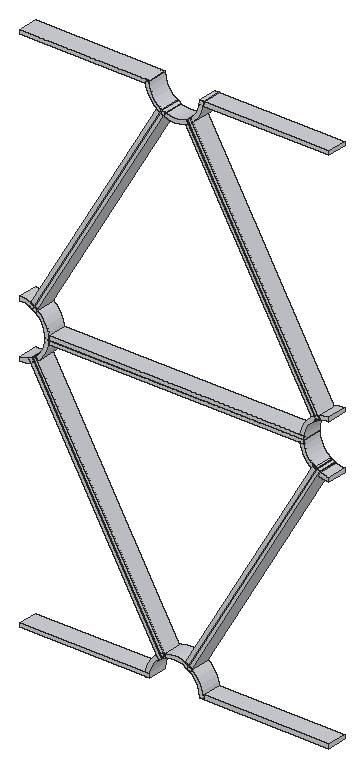
Revit family
Reference planes
  plane 1 "Center (Front/Back)": y = 0
  plane 2: z = 0
  plane 3 "Center (Left/Right)": x = 0
  plane 4 "Left": x = -400
  plane 5 "Right": x = 400
  plane 6 "Top": z = 692.82
  plane 7: z = -692.82
Text (mm)
  text "Exterior" at (-2351.972, 1416.179, 0), in view "Ref. Level"
  text "Exterior" at (0, 2290.741, 4406.713), in view "Left"
  text "Exterior" at (0, 1328.187, 4120.349), in view "Right"
Dimensions and locks
  equal spacing: plane 4 "Left", plane 3 "Center (Left/Right)", plane 5 "Right"
  aligned and locked: plane 1 "Center (Front/Back)" to nested 1
  aligned and locked: plane 4 "Left" to nested 1
  aligned and locked: plane 5 "Right" to nested 1
  aligned and locked: plane 6 "Top" to nested 1
  aligned and locked: plane 7 to nested 1
Nested families
  nested 1: "tassellazione" at (0, 0, 0), type "tassellazione"
Definition of nested family "tassellazione"
  Parameters
    C_spessore = 10 mm
    C_metà_spessore = C_spessore / 2  # 5 mm
    C_metà_lato_sup = C_lato_sup / 2  # 400 mm
    C_metà_diametro_giunto = C_diametro_giunto / 2  # 75 mm
    C_lato_sup = 800 mm
    C_diametro_giunto = 150 mm
    C_altezza_sup = sqrt(C_lato_sup ^ 2 - C_metà_lato_sup ^ 2)  # 692.82 mm
    C_altezza_prisma = 50 mm
  Reference planes
    plane 1 "Center (Front/Back)": y = 0
    plane 2: z = 0
    plane 3 "Center (Left/Right)": x = 0
    plane 4: z = -692.82
    plane 5: z = 692.82
    plane 6: x = 400
    plane 7: x = -400
    plane 8: y = 50
    plane 9: x = 75
    plane 10: x = -75
    plane 11: x = -70
    plane 12: x = 70
    plane 13: x = -65
    plane 14: x = 65
    plane 15: z = 75
    plane 16: z = -75
    plane 17: z = 70
    plane 18: z = 65
    plane 19: z = -70
    plane 20: z = -65
  Forms (mm)
    Extrusion 1, solid
      sketch origin (0, 0, 0) x (1, 0, 0) y (0, 0, 1)
        loop
          line (0, 692.82) -> (-400, 0) -> (400, 0) -> (0, 692.82)
      from 0 to -50
    Extrusion 2, void
      sketch origin (0, 0, 0) x (1, 0, 0) y (0, 0, 1)
        loop
          line (-382.679, 10) -> (382.679, 10) -> (0, 672.82) -> (-382.679, 10)
      from 0 to -50
    Extrusion 3, solid
      sketch origin (0, 0, 0) x (1, 0, 0) y (0, 0, 1)
        loop
          line (0, 692.82) -> (-400, 692.82) -> (-400, 0) -> (0, 692.82)
      from 0 to -50
    Extrusion 4, void
      sketch origin (0, 0, 0) x (1, 0, 0) y (0, 0, 1)
        loop
          line (-400, 682.82) -> (-400, 20) -> (-17.321, 682.82) -> (-400, 682.82)
      from 0 to -50
    Extrusion 5, solid
      sketch origin (0, 0, 0) x (1, 0, 0) y (0, 0, 1)
        loop
          line (0, 692.82) -> (400, 0) -> (400, 692.82) -> (0, 692.82)
      from -50 to 0
    Extrusion 6, void
      sketch origin (0, 0, 0) x (1, 0, 0) y (0, 0, 1)
        loop
          line (17.321, 682.82) -> (400, 20) -> (400, 682.82) -> (17.321, 682.82)
      from -50 to 0
    Extrusion 7, solid
      sketch origin (0, 0, 0) x (1, 0, 0) y (0, 0, 1)
        loop
          line (-400, 0) -> (0, -692.82) -> (400, 0) -> (-400, 0)
      from 0 to -50
    Extrusion 8, void
      sketch origin (0, 0, 0) x (1, 0, 0) y (0, 0, 1)
        loop
          line (382.679, -10) -> (-382.679, -10) -> (0, -672.82) -> (382.679, -10)
      from 0 to -50
    Extrusion 9, solid
      sketch origin (0, 0, 0) x (1, 0, 0) y (0, 0, 1)
        loop
          line (-400, 0) -> (-400, -692.82) -> (0, -692.82) -> (-400, 0)
      from 0 to -50
    Extrusion 10, void
      sketch origin (0, 0, 0) x (1, 0, 0) y (0, 0, 1)
        loop
          line (-17.321, -682.82) -> (-400, -20) -> (-400, -682.82) -> (-17.321, -682.82)
      from 0 to -50
    Extrusion 11, solid
      sketch origin (0, 0, 0) x (1, 0, 0) y (0, 0, 1)
        loop
          line (0, -692.82) -> (400, -692.82) -> (400, 0) -> (0, -692.82)
      from 0 to -50
    Extrusion 12, void
      sketch origin (0, 0, 0) x (1, 0, 0) y (0, 0, 1)
        loop
          line (17.321, -682.82) -> (400, -682.82) -> (400, -20) -> (17.321, -682.82)
      from 0 to -50
    Extrusion 13, solid
      sketch origin (0, 0, 0) x (1, 0, 0) y (0, 0, 1)
        loop
          line (-75, -692.82) -> (75, -692.82)
          arc (75, -692.82) -> (0, -617.82) -> (-75, -692.82) r 75
      from 0 to -50
    Extrusion 14, void
      sketch origin (0, 0, 0) x (1, 0, 0) y (0, 0, 1)
        loop
          line (-65, -692.82) -> (65, -692.82)
          arc (65, -692.82) -> (0, -627.82) -> (-65, -692.82) r 65
      from 0 to -50
    Extrusion 15, solid
      sketch origin (0, 0, 0) x (1, 0, 0) y (0, 0, 1)
        loop
          arc (-75, 692.82) -> (0, 617.82) -> (75, 692.82) r 75
          line (75, 692.82) -> (-75, 692.82)
      from 0 to -50
    Extrusion 16, void
      sketch origin (0, 0, 0) x (1, 0, 0) y (0, 0, 1)
        loop
          arc (-65, 692.82) -> (0, 627.82) -> (65, 692.82) r 65
          line (65, 692.82) -> (-65, 692.82)
      from 0 to -50
    Extrusion 17, solid
      sketch origin (0, 0, 0) x (1, 0, 0) y (0, 0, 1)
        loop
          arc (400, 75) -> (325, 0) -> (400, -75) r 75
          line (400, -75) -> (400, 75)
      from 0 to -50
    Extrusion 18, void
      sketch origin (0, 0, 0) x (1, 0, 0) y (0, 0, 1)
        loop
          arc (400, 65) -> (335, 0) -> (400, -65) r 65
          line (400, -65) -> (400, 65)
      from 0 to -50
    Extrusion 19, solid
      sketch origin (0, 0, 0) x (1, 0, 0) y (0, 0, 1)
        loop
          line (-400, 75) -> (-400, -75)
          arc (-400, -75) -> (-325, 0) -> (-400, 75) r 75
      from 0 to -50
    Extrusion 20, void
      sketch origin (0, 0, 0) x (1, 0, 0) y (0, 0, 1)
        loop
          line (-400, 65) -> (-400, -65)
          arc (-400, -65) -> (-335, 0) -> (-400, 65) r 65
      from 0 to -50
  Cuts and joins
    Extrusion 2, Extrusion 4, Extrusion 6, Extrusion 16, Extrusion 18, Extrusion 20 cuts Extrusion 1
    Extrusion 4, Extrusion 16, Extrusion 20 cuts Extrusion 3
    Extrusion 6, Extrusion 16, Extrusion 18 cuts Extrusion 5
    Extrusion 8, Extrusion 10, Extrusion 12, Extrusion 14, Extrusion 18, Extrusion 20 cuts Extrusion 7
    Extrusion 10, Extrusion 14, Extrusion 20 cuts Extrusion 9
    Extrusion 12, Extrusion 14, Extrusion 18 cuts Extrusion 11
    Extrusion 14 cuts Extrusion 13
    Extrusion 16 cuts Extrusion 15
    Extrusion 18 cuts Extrusion 17
    Extrusion 20 cuts Extrusion 19
  Lines and regions (mm)
    reference lines
      curve 1: line (0, 0, 692.82) -> (400, 0, 0)
      curve 2: line (0, 0, 692.82) -> (-400, 0, 0)
      curve 3: line (-400, 0, 0) -> (400, 0, 0)
      curve 4: line (-400, 0, 0) -> (0, 0, -692.82)
      curve 5: line (0, 0, -692.82) -> (400, 0, 0)
      curve 6: line (0, 0, 692.82) -> (-400, 0, 692.82)
      curve 7: line (0, 0, 692.82) -> (400, 0, 692.82)
      curve 8: line (0, 0, -692.82) -> (-400, 0, -692.82)
      curve 9: line (0, 0, -692.82) -> (400, 0, -692.82)
      curve 10: line (-391.34, 0, 5) -> (0, 0, 682.82)
      curve 11: line (0, 0, 682.82) -> (391.34, 0, 5)
      curve 12: line (391.34, 0, 5) -> (-391.34, 0, 5)
      curve 13: line (382.679, 0, 10) -> (-382.679, 0, 10)
      curve 14: line (-382.679, 0, 10) -> (0, 0, 672.82)
      curve 15: line (382.679, 0, 10) -> (0, 0, 672.82)
      curve 16: line (-391.34, 0, -5) -> (0, 0, -682.82)
      curve 17: line (391.34, 0, -5) -> (-391.34, 0, -5)
      curve 18: line (391.34, 0, -5) -> (0, 0, -682.82)
      curve 19: line (382.679, 0, -10) -> (-382.679, 0, -10)
      curve 20: line (-382.679, 0, -10) -> (0, 0, -672.82)
      curve 21: line (382.679, 0, -10) -> (0, 0, -672.82)
      curve 22: line (-8.66, 0, 687.82) -> (-400, 0, 687.82)
      curve 23: line (8.66, 0, 687.82) -> (400, 0, 687.82)
      curve 24: line (-400, 0, 682.82) -> (-17.321, 0, 682.82)
      curve 25: line (17.321, 0, 682.82) -> (400, 0, 682.82)
      curve 26: line (-8.66, 0, 687.82) -> (-400, 0, 10)
      curve 27: line (-17.321, 0, 682.82) -> (-400, 0, 20)
      curve 28: line (8.66, 0, 687.82) -> (400, 0, 10)
      curve 29: line (17.321, 0, 682.82) -> (400, 0, 20)
      curve 30: line (-400, 0, -687.82) -> (-8.66, 0, -687.82)
      curve 31: line (-400, 0, -682.82) -> (-17.321, 0, -682.82)
      curve 32: line (-17.321, 0, -682.82) -> (-400, 0, -20)
      curve 33: line (-8.66, 0, -687.82) -> (-400, 0, -10)
      curve 34: line (400, 0, -687.82) -> (8.66, 0, -687.82)
      curve 35: line (400, 0, -682.82) -> (17.321, 0, -682.82)
      curve 36: line (8.66, 0, -687.82) -> (400, 0, -10)
      curve 37: line (17.321, 0, -682.82) -> (400, 0, -20)
      curve 38: arc (-75, 0, -692.82) -> (0, 0, -617.82) -> (75, 0, -692.82) r 75
      curve 39: arc (-70, 0, -692.82) -> (0, 0, -622.82) -> (70, 0, -692.82) r 70
      curve 40: arc (-65, 0, -692.82) -> (0, 0, -627.82) -> (65, 0, -692.82) r 65
      curve 41: arc (-75, 0, 692.82) -> (0, 0, 617.82) -> (75, 0, 692.82) r 75
      curve 42: arc (-70, 0, 692.82) -> (0, 0, 622.82) -> (70, 0, 692.82) r 70
      curve 43: arc (-65, 0, 692.82) -> (0, 0, 627.82) -> (65, 0, 692.82) r 65
      curve 44: arc (400, 0, 75) -> (325, 0, 0) -> (400, 0, -75) r 75
      curve 45: arc (400, 0, 70) -> (330, 0, 0) -> (400, 0, -70) r 70
      curve 46: arc (400, 0, 65) -> (335, 0, 0) -> (400, 0, -65) r 65
      curve 47: arc (-400, 0, 75) -> (-325, 0, 0) -> (-400, 0, -75) r 75
      curve 48: arc (-400, 0, 70) -> (-330, 0, 0) -> (-400, 0, -70) r 70
      curve 49: arc (-400, 0, 65) -> (-335, 0, 0) -> (-400, 0, -65) r 65
  Dimensions and locks
    "C_metà_lato_sup": plane 3 "Center (Left/Right)" to plane 7
    "C_metà_lato_sup": plane 6 to plane 3 "Center (Left/Right)"
    "C_altezza_sup": plane 5 to plane 2
    "C_altezza_sup": plane 2 to plane 4
    "C_metà_spessore": curve 12 to plane 2
    "C_metà_spessore": curve 10 to curve 2
    "C_metà_spessore": curve 11 to curve 1
    "C_metà_spessore": curve 13 to curve 12
    "C_metà_spessore": curve 14 to curve 10
    "C_metà_spessore": curve 15 to curve 11
    "C_metà_spessore": plane 2 to curve 17
    "C_metà_spessore": curve 18 to curve 5
    "C_metà_spessore": curve 4 to curve 16
    "C_metà_spessore": curve 17 to curve 19
    "C_metà_spessore": curve 16 to curve 20
    "C_metà_spessore": curve 21 to curve 18
    "C_metà_spessore": plane 5 to curve 23
    "C_metà_spessore": curve 23 to curve 25
    "C_metà_spessore": curve 26 to curve 2
    "C_metà_spessore": curve 27 to curve 26
    "C_metà_spessore": plane 5 to curve 22
    "C_metà_spessore": curve 22 to curve 24
    "C_metà_spessore": curve 1 to curve 28
    "C_metà_spessore": curve 28 to curve 29
    "C_metà_spessore": curve 30 to plane 4
    "C_metà_spessore": curve 31 to curve 30
    "C_metà_spessore": curve 4 to curve 33
    "C_metà_spessore": curve 33 to curve 32
    "C_metà_spessore": curve 34 to plane 4
    "C_metà_spessore": curve 35 to curve 34
    "C_metà_spessore": curve 36 to curve 5
    "C_metà_spessore": curve 37 to curve 36
    "C_altezza_prisma": plane 8 to plane 1 "Center (Front/Back)"
    "C_metà_diametro_giunto": plane 3 "Center (Left/Right)" to plane 10
    "C_metà_diametro_giunto": plane 9 to plane 3 "Center (Left/Right)"
    "C_metà_spessore": plane 11 to plane 10
    "C_metà_spessore": plane 12 to plane 9
    "C_metà_spessore": plane 13 to plane 11
    "C_metà_spessore": plane 14 to plane 12
    "C_metà_diametro_giunto": plane 15 to plane 2
    "C_metà_diametro_giunto": plane 2 to plane 16
    "C_metà_spessore": plane 20 to plane 19
    "C_metà_spessore": plane 19 to plane 16
    "C_metà_spessore": plane 15 to plane 17
    "C_metà_spessore": plane 17 to plane 18
    aligned and locked: plane 2 to curve 1
    aligned and locked: plane 7 to curve 2
    aligned and locked: curve 3 to plane 2
    aligned and locked: plane 3 "Center (Left/Right)" to curve 4
    aligned and locked: curve 6 to plane 5
    aligned and locked: plane 6 to curve 7
    aligned and locked: curve 8 to plane 4
    aligned and locked: Extrusion 1 sketch curve to curve 1
    aligned and locked: Extrusion 1 sketch curve to curve 2
    aligned and locked: Extrusion 1 sketch curve to curve 3
    aligned and locked: Extrusion 1 to plane 1 "Center (Front/Back)"
    aligned and locked: Extrusion 1 to plane 8
    aligned and locked: Extrusion 2 sketch curve to curve 14
    aligned and locked: Extrusion 2 sketch curve to curve 15
    aligned and locked: Extrusion 2 sketch curve to curve 13
    aligned and locked: Extrusion 2 to plane 1 "Center (Front/Back)"
    aligned and locked: Extrusion 2 to plane 8
    aligned and locked: Extrusion 3 sketch curve to curve 6
    aligned and locked: Extrusion 3 sketch curve to cut or joined group of Extrusion 1, Extrusion 2, Extrusion 4, Extrusion 6, Extrusion 16, Extrusion 18, Extrusion 20
    aligned and locked: Extrusion 3 sketch curve to plane 7
    aligned and locked: Extrusion 3 to plane 1 "Center (Front/Back)"
    aligned and locked: Extrusion 3 to plane 8
    aligned and locked: Extrusion 4 sketch curve to curve 24
    aligned and locked: Extrusion 4 sketch curve to curve 27
    aligned and locked: Extrusion 4 sketch curve to plane 7
    aligned and locked: Extrusion 4 to plane 1 "Center (Front/Back)"
    aligned and locked: Extrusion 4 to plane 8
    aligned and locked: Extrusion 5 sketch curve to curve 7
    aligned and locked: Extrusion 5 sketch curve to cut or joined group of Extrusion 1, Extrusion 2, Extrusion 4, Extrusion 6, Extrusion 16, Extrusion 18, Extrusion 20
    aligned and locked: Extrusion 5 sketch curve to plane 6
    aligned and locked: Extrusion 5 to plane 8
    aligned and locked: plane 1 "Center (Front/Back)" to Extrusion 5
    aligned and locked: Extrusion 6 sketch curve to curve 25
    aligned and locked: Extrusion 6 sketch curve to curve 29
    aligned and locked: Extrusion 6 sketch curve to plane 6
    aligned and locked: Extrusion 6 to plane 8
    aligned and locked: plane 1 "Center (Front/Back)" to Extrusion 6
    aligned and locked: Extrusion 7 sketch curve to cut or joined group of Extrusion 1, Extrusion 2, Extrusion 4, Extrusion 6, Extrusion 16, Extrusion 18, Extrusion 20
    aligned and locked: Extrusion 7 sketch curve to curve 4
    aligned and locked: Extrusion 7 sketch curve to curve 5
    aligned and locked: plane 1 "Center (Front/Back)" to Extrusion 7
    aligned and locked: Extrusion 7 to plane 8
    aligned and locked: Extrusion 8 sketch curve to curve 19
    aligned and locked: Extrusion 8 sketch curve to curve 20
    aligned and locked: Extrusion 8 sketch curve to curve 21
    aligned and locked: plane 1 "Center (Front/Back)" to Extrusion 8
    aligned and locked: Extrusion 8 to plane 8
    aligned and locked: Extrusion 9 sketch curve to cut or joined group of Extrusion 7, Extrusion 8, Extrusion 10, Extrusion 12, Extrusion 14, Extrusion 18, Extrusion 20
    aligned and locked: Extrusion 9 sketch curve to curve 8
    aligned and locked: plane 7 to Extrusion 9 sketch curve
    aligned and locked: plane 1 "Center (Front/Back)" to Extrusion 9
    aligned and locked: Extrusion 9 to plane 8
    aligned and locked: Extrusion 10 sketch curve to curve 32
    aligned and locked: Extrusion 10 sketch curve to curve 31
    aligned and locked: plane 7 to Extrusion 10 sketch curve
    aligned and locked: plane 1 "Center (Front/Back)" to Extrusion 10
    aligned and locked: Extrusion 10 to plane 8
    aligned and locked: Extrusion 11 sketch curve to cut or joined group of Extrusion 7, Extrusion 8, Extrusion 10, Extrusion 12, Extrusion 14, Extrusion 18, Extrusion 20
    aligned and locked: Extrusion 11 sketch curve to curve 9
    aligned and locked: plane 6 to Extrusion 11 sketch curve
    aligned and locked: plane 1 "Center (Front/Back)" to Extrusion 11
    aligned and locked: Extrusion 11 to plane 8
    aligned and locked: Extrusion 12 sketch curve to curve 37
    aligned and locked: Extrusion 12 sketch curve to curve 35
    aligned and locked: plane 6 to Extrusion 12 sketch curve
    aligned and locked: plane 1 "Center (Front/Back)" to Extrusion 12
    aligned and locked: Extrusion 12 to plane 8
    aligned and locked: Extrusion 13 sketch curve to curve 38
    aligned and locked: Extrusion 13 sketch curve to curve 8
    aligned and locked: plane 1 "Center (Front/Back)" to Extrusion 13
    aligned and locked: Extrusion 13 to plane 8
    aligned and locked: Extrusion 14 sketch curve to curve 40
    aligned and locked: plane 4 to Extrusion 14 sketch curve
    aligned and locked: plane 1 "Center (Front/Back)" to Extrusion 14
    aligned and locked: Extrusion 14 to plane 8
    aligned and locked: Extrusion 15 sketch curve to curve 41
    aligned and locked: Extrusion 15 sketch curve to curve 6
    aligned and locked: Extrusion 15 to plane 1 "Center (Front/Back)"
    aligned and locked: Extrusion 15 to plane 8
    aligned and locked: Extrusion 16 sketch curve to curve 43
    aligned and locked: plane 5 to Extrusion 16 sketch curve
    aligned and locked: Extrusion 16 to plane 1 "Center (Front/Back)"
    aligned and locked: Extrusion 16 to plane 8
    aligned and locked: Extrusion 17 sketch curve to curve 44
    aligned and locked: Extrusion 17 sketch curve to plane 6
    aligned and locked: Extrusion 17 to plane 1 "Center (Front/Back)"
    aligned and locked: Extrusion 17 to plane 8
    aligned and locked: Extrusion 18 sketch curve to curve 46
    aligned and locked: Extrusion 18 sketch curve to plane 6
    aligned and locked: Extrusion 18 to plane 1 "Center (Front/Back)"
    aligned and locked: Extrusion 18 to plane 8
    aligned and locked: Extrusion 19 sketch curve to curve 47
    aligned and locked: Extrusion 19 sketch curve to plane 7
    aligned and locked: Extrusion 19 to plane 1 "Center (Front/Back)"
    aligned and locked: Extrusion 19 to plane 8
    aligned and locked: Extrusion 20 sketch curve to curve 49
    aligned and locked: Extrusion 20 sketch curve to plane 7
    aligned and locked: Extrusion 20 to plane 1 "Center (Front/Back)"
    aligned and locked: Extrusion 20 to plane 8
  Automatic sketch dimensions
    curve 38 to curve 39 = 0 mm
    curve 38 to curve 40 = 0 mm
    curve 39 to curve 40 = 0 mm
    curve 41 to curve 42 = 0 mm
    curve 41 to curve 43 = 0 mm
    curve 42 to curve 43 = 0 mm
    curve 44 to curve 45 = 0 mm  (x2)
    curve 44 to curve 46 = 0 mm  (x2)
    curve 45 to curve 46 = 0 mm  (x2)
    curve 49 to plane 18 = 0 mm
    curve 49 to level = 0 mm
    curve 48 to plane 17 = 0 mm
    curve 48 to level = 0 mm
    curve 47 to plane 16 = 0 mm
    curve 47 to plane 15 = 0 mm
    curve 30 to plane 7 = 0 mm
    curve 27 to plane 7 = 0 mm
    curve 31 to plane 7 = 0 mm
    curve 26 to plane 7 = 0 mm
    curve 24 to plane 7 = 0 mm
    curve 8 to plane 7 = 0 mm
    curve 22 to plane 7 = 0 mm
    curve 33 to plane 7 = 0 mm
    curve 32 to plane 7 = 0 mm
    curve 6 to plane 7 = 0 mm
    curve 38 to plane 10 = 0 mm
    curve 41 to plane 10 = 0 mm
    curve 42 to plane 11 = 0 mm
    curve 39 to plane 11 = 0 mm
    curve 40 to plane 13 = 0 mm
    curve 43 to plane 13 = 0 mm
    curve 41 to plane 3 "Center (Left/Right)" = 0 mm
    curve 21 to plane 3 "Center (Left/Right)" = 0 mm
    curve 40 to plane 3 "Center (Left/Right)" = 0 mm
    curve 7 to plane 3 "Center (Left/Right)" = 0 mm
    curve 34 to plane 6 = 0 mm
    curve 36 to plane 6 = 0 mm
    curve 37 to plane 6 = 0 mm
    curve 29 to plane 6 = 0 mm
    curve 44 to level = 0 mm
    curve 44 to plane 6 = 0 mm
    curve 23 to plane 6 = 0 mm
    curve 35 to plane 6 = 0 mm
    curve 25 to plane 6 = 0 mm
    curve 9 to plane 6 = 0 mm
    curve 28 to plane 6 = 0 mm
    curve 44 to plane 16 = 0 mm
    curve 45 to plane 19 = 0 mm
    curve 46 to plane 20 = 0 mm
    curve 47 to plane 7 = 0 mm
    curve 48 to curve 47 = 0 mm
    curve 49 to curve 48 = 0 mm
